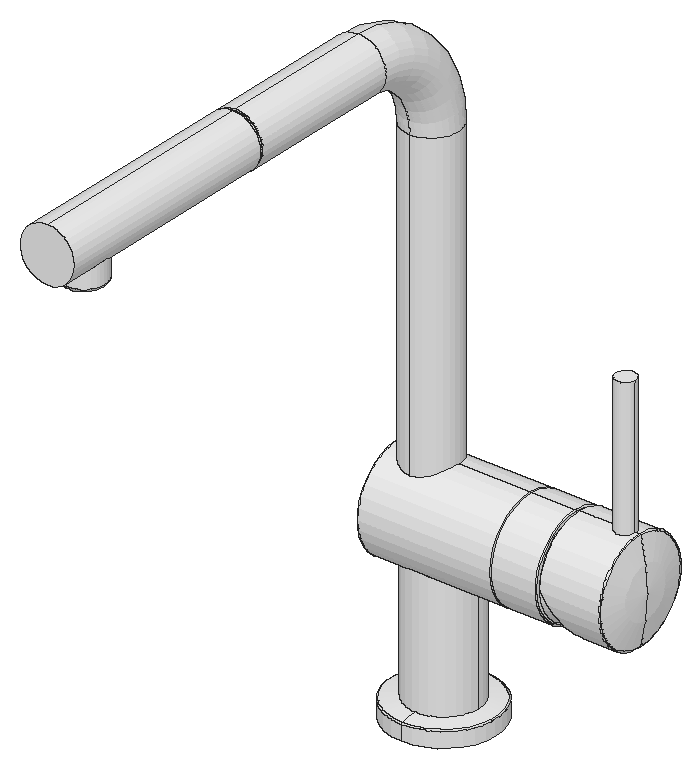
Revit family "Faucet-Kitchen-Grohe-Minta-30218_Series", category Plumbing Fixtures, Revit 2014
Parameters (values of type "30218000")
  cUPC Compliant = yes
  Width = 1 5/16"
  Waste Connection = no
  Warranty Documentation Link = "https://cdn.cloud.grohe.com/tpi/1000/1900/1940/1949/1949006/original/1949006.pdf"
  WFU = 0
  Vent Connection = no
  URL = "http://www.grohe.com/ca-en/"
  Shipping Weight = 8.56 lbf
  Product Page URL = "https://www.grohe.com/ca-en/25487/kitchen/kitchen-faucets/minta-touch/productdetails/?product=30218-G384&color=000&material=30218000"
  Price = "Prices may vary. Please consult Manufacturer Representative for most up-to-date price list."  # constant formula
  Model = "30218000"
  Material = "Metal-Grohe-000-Chrome"
  Manufacturer = "Grohe"
  Length = 8 13/16"
  Installation Type = "Deck-Mounted"
  Hot Water Connection Diameter = 3/8"
  Height = 13 1/8"
  HWFU = 1.5
  HW Connection = yes
  Flow Rate = "1.75 gpm (6.6 L/min)"
  Finish = Metal-Grohe-000-Chrome
  Description = "Minta"
  Default Elevation = 0"
  Creation Date = "2/9/2017"  # constant formula
  Cold Water Connection Diameter = 3/8"
  CalGreen Compliant = yes
  CWFU = 1.5
  CW Connection = yes
  Assembly Code = "D2020300"
  ADA Compliant = yes
Types (5): name | Product Page URL | Model | Material | Finish
  (no name) | "https://www.grohe.com/ca-en/25487/kitchen/kitchen-faucets/minta-touch/productdetails/?product=30218-G384&color=000&material=30218000" | "30218000" | "Metal-Grohe-000-Chrome" | Metal-Grohe-000-Chrome
  30218000 | "https://www.grohe.com/ca-en/25487/kitchen/kitchen-faucets/minta-touch/productdetails/?product=30218-G384&color=000&material=30218000" | "30218000" | "Metal-Grohe-000-Chrome" | Metal-Grohe-000-Chrome
  30218001 | "https://www.grohe.com/ca-en/25487/kitchen/kitchen-faucets/minta-touch/productdetails/?product=30218-G384&color=001&material=30218001" | "30218001" | "Metal-Grohe-001-Chrome" | Metal-Grohe-001-Chrome
  30218DC0 | "https://www.grohe.com/ca-en/25487/kitchen/kitchen-faucets/minta-touch/productdetails/?product=30218-G384&color=DC0&material=30218DC0" | "30218DC0" | "Metal-Grohe-DC0-Stainless Steel" | Metal-Grohe-DC0-Stainless Steel
  30218DC1 | "https://www.grohe.com/ca-en/25487/kitchen/kitchen-faucets/minta-touch/productdetails/?product=30218-G384&color=DC1&material=30218DC1" | "30218DC1" | "Metal-Grohe-DC1-Stainless Steel" | Metal-Grohe-DC1-Stainless Steel
Reference planes (in)
  plane 1 "Center (Front/Back)": y = 0
  plane 2: z = 0
  plane 3 "Center (Left/Right)": x = 0
  plane 4: z = 13.125
  plane 5: y = -8.8125
  plane 6: z = 11.6875
  plane 7: y = 0.65625
  plane 8: y = -0.65625
  plane 9: y = 0.70866
  plane 10: y = -0.70866
  plane 11: y = 0.55118
  plane 12: y = -0.55118
  plane 13: x = -0.25
Forms (in)
  Revolve 1, solid, material "Metal-Grohe-000-Chrome" <- "Finish"
    sketch origin (0, 0, 0) x (0, 1, 0) y (0, 0, 1)
      loop
        line (0, 0.37402) -> (0, 0) -> (1.06299, 0) -> (1.06299, 0.30618)
        arc (1.06299, 0.30618) -> (1.05723, 0.32199) -> (1.04266, 0.33037) r 0.02455
        arc (1.04266, 0.33037) -> (0.87613, 0.35577) -> (0.70866, 0.37402) r 3.93701
        line (0.70866, 0.37402) -> (0, 0.37402)
      axis (0, 0.37402) -> (0, 0)
    angle from 0 to 360
  Extrusion 2, solid, material "Metal-Grohe-000-Chrome" <- "Finish"
    sketch origin (0, 0, 0) x (1, 0, 0) y (0, 1, 0)
      loop
        circle (0, 0) r 0.70866
    from 0 to 3.83661
  Sweep 3, solid, material "Metal-Grohe-000-Chrome" <- "Finish"
    path origin (0, 0, 0) x (0, 1, 0) y (0, 0, 1)
      loop
        line (0, 3) -> (0, 10.7038)
        arc (0, 10.7038) -> (-0.53993, 12.00731) -> (-1.84344, 12.54724) r 1.84344
        line (-1.84344, 12.54724) -> (-9.72441, 12.54724)
    profile origin (0, 0, 6.8519) x (0, -1, 0) y (1, 0, 0)
      loop
        circle (0, -0.25) r 0.55118
  Extrusion 4, void
    sketch origin (-0.25, 0, 0) x (1, 0, 0) y (0, 0, 1)
      loop
        circle (0, 12.54724) r 0.53052
      loop
        circle (0, 12.54724) r 0.58056
    from 4.96063 to 5.02313
  Revolve 5, solid, material "Metal-Grohe-000-Chrome" <- "Finish"
    sketch origin (0, 0, 0) x (1, 0, 0) y (0, 0, 1)
      loop
        arc (-1.08031, 3.66171) -> (-1.04704, 3.15847) -> (-0.9497, 2.66362) r 3.93701
        arc (-0.9497, 2.66362) -> (-0.94111, 2.65068) -> (-0.9264, 2.64567) r 0.0241
        line (-0.9264, 2.64567) -> (1.75436, 2.64567) -> (1.75436, 2.68) -> (1.7874, 2.68) -> (1.7874, 2.64584) -> (2.66508, 2.6535)
        arc (2.66508, 2.6535) -> (2.6792, 2.65946) -> (2.68504, 2.67363) r 0.02013
        line (2.68504, 2.67363) -> (2.68504, 2.71449)
        arc (2.68504, 2.71449) -> (2.97373, 2.83844) -> (3.20866, 3.04704) r 0.98425
        line (3.20866, 3.04704) -> (3.20866, 3.66171) -> (-1.08031, 3.66171)
      axis (3.20866, 3.66171) -> (-1.08031, 3.66171)
    angle from 0 to 360
  Revolve 6, solid, material "Metal-Grohe-000-Chrome" <- "Finish"
    sketch origin (-0.25, 0, 0) x (0, 1, 0) y (0, 0, 1)
      loop
        line (-8.37795, 12.65542) -> (-8.8125, 12.65542) -> (-8.8125, 11.70079) -> (-8.51043, 11.70079) -> (-8.47244, 11.7185) -> (-8.41732, 11.7185)
        arc (-8.41732, 11.7185) -> (-8.38948, 11.73004) -> (-8.37795, 11.75787) r 0.03937
        line (-8.37795, 11.75787) -> (-8.37795, 12.65542)
      axis (-8.8125, 12.65542) -> (-8.8125, 11.70079)
    angle from 0 to 360
  Extrusion 7, void
    sketch origin (0, 0, 0) x (1, 0, 0) y (0, 0, 1)
      loop
        line (2.76851, 3.7185) -> (2.76851, 2.54317) -> (3.44709, 2.54317) -> (2.76851, 3.7185)
    from -1.26228 to 1.24003
  Extrusion 8, solid, material "Metal-Grohe-000-Chrome" <- "Finish"
    sketch origin (0, 0, 0) x (1, 0, 0) y (0, 1, 0)
      loop
        circle (3.68905, 0) r 0.19669
    from 4.15565 to 7.44844
  Revolve 9, solid, material "Metal-Grohe-000-Chrome" <- "Finish"
    sketch origin (0, 0, 0) x (1, 0, 0) y (0, 0, 1)
      loop
        arc (3.99112, 4.67544) -> (3.98259, 4.68793) -> (3.96826, 4.69275) r 0.02376
        line (3.96826, 4.69275) -> (2.76851, 4.69275) -> (2.76851, 3.66395) -> (4.13856, 3.66395)
        arc (4.13856, 3.66395) -> (4.09781, 4.1745) -> (3.99112, 4.67544) r 3.93701
      axis (4.13856, 3.66395) -> (2.76851, 3.66395)
    angle from 0 to 360
  Extrusion 10, solid, material "Metal-Grohe-000-Chrome" <- "Finish"
    sketch origin (0, 0, 0) x (1, 0, 0) y (0, 1, 0)
      loop
        circle (-0.34726, 0) r 0.1875
      loop
        circle (0.34726, 0) r 0.1875
    from 0 to 0.80614
Cuts and joins
  Extrusion 4, Extrusion 7 cuts Revolve 1
  Extrusion 4, Extrusion 7 cuts Extrusion 2
  Extrusion 4, Extrusion 7 cuts Sweep 3
  Extrusion 7 cuts Revolve 6
  Extrusion 7 cuts Revolve 9
  joined: Revolve 1, Extrusion 2, Sweep 3, Revolve 5, Revolve 6, Extrusion 8, Revolve 9, Extrusion 10
Lines and regions (in)
  Masking region 1
    outline origin (0, 0, 0) x (1, 0, 0) y (0, 1, 0)
      loop
        arc (-0.94492, 1.01605) -> (-1.08635, 0) -> (-0.94492, -1.01605) r 3.72039
        line (-0.94492, -1.01605) -> (-0.80118, -1.01605) -> (-0.80118, -4.96063) -> (-0.76855, -4.96063) -> (-0.76855, -5.02313) -> (-0.80118, -5.02313) -> (-0.80118, -9.72441) -> (0.30119, -9.72441) -> (0.30119, -5.02313) -> (0.26856, -5.02313) -> (0.26856, -4.96063) -> (0.30119, -4.96063) -> (0.30119, -1.01605) -> (1.75436, -1.01605) -> (1.75436, -0.98171) -> (1.7874, -0.98171) -> (1.7874, -1.01587) -> (2.68618, -1.01587) -> (2.68618, -0.95078) -> (2.76851, -0.92056) -> (2.76851, -1.02518) -> (3.9862, -1.02518)
        arc (3.9862, -1.02518) -> (4.13198, -0.00007) -> (3.98724, 1.02518) r 3.69019
        line (3.98724, 1.02518) -> (2.76851, 1.02518) -> (2.76851, 0.92056) -> (2.68618, 0.95078) -> (2.68618, 1.01587) -> (1.7874, 1.01587) -> (1.7874, 0.98171) -> (1.75436, 0.98171) -> (1.75436, 1.01605) -> (-0.94492, 1.01605)
  symbolic lines, detail levels medium+fine
    curve 1: line (-0.80118, -1.01605, 0) -> (-0.80118, 0, 0)
    curve 2: line (0.30119, -1.01605, 0) -> (0.30119, 0, 0)
    curve 3: arc (0.30119, 0, 0) -> (-0.25, 0.55119, 0) -> (-0.80118, 0, 0) r 0.55119
    curve 4: circle (3.68905, 0, 0) r 0.19669 normal (0, 0, 1)
    curve 10: line (2.76851, 0.92061, 0) -> (2.76851, -0.92061, 0)
  symbolic lines, detail levels fine
    curve 5: line (-0.76855, -5.02313, 0) -> (0.26856, -5.02313, 0)
    curve 6: line (-0.76855, -4.96063, 0) -> (0.26856, -4.96063, 0)
    curve 7: line (1.75436, 0.98171, 0) -> (1.75436, -0.98171, 0)
    curve 8: line (1.7874, 0.98171, 0) -> (1.7874, -0.98171, 0)
    curve 9: line (2.68618, -0.95078, 0) -> (2.68618, 0.95078, 0)
Dimensions and locks (in)
  equal spacing: plane 7, plane 1 "Center (Front/Back)", plane 8
  "Width": plane 7 to plane 8
  "Height": plane 4 to level
  plane 6 to level = 11 11/16"
  "Length": plane 1 "Center (Front/Back)" to plane 5
  "Hot Water Connection Diameter": diameter of Extrusion 10 sketch curve
  "Cold Water Connection Diameter": diameter of Extrusion 10 sketch curve
Automatic sketch dimensions
  Revolve 1 sketch curve to plane 1 "Center (Front/Back)" = 0"  (x2)
  Revolve 1 sketch curve to plane 9 = 0"
  Revolve 1 sketch curve to level = 0"
  Revolve 1 sketch curve to plane 11 = 0.18515"
  Revolve 1 sketch curve to plane 9 = 0.32978"
  Revolve 1 sketch curve to Revolve 1 sketch curve = 0.02455"
  Revolve 1 sketch curve to level = 3.54805"
  level to Revolve 1 sketch curve = 0.30618"
  level to Revolve 1 sketch curve = 0.37402"
  Revolve 1 sketch curve to Revolve 1 sketch curve = 0.28195"
  Revolve 1 sketch curve to Revolve 1 sketch curve = 0.07048"
  plane 1 "Center (Front/Back)" to Extrusion 2 sketch curve = 0"
  Extrusion 2 sketch curve to plane 3 "Center (Left/Right)" = 0"
  Sweep 3 sketch curve to plane 1 "Center (Front/Back)" = 0"
  Sweep 3 sketch curve to plane 4 = 0.57776"
  Sweep 3 sketch curve to plane 10 = 1.13478"
  plane 5 to Sweep 3 sketch curve = 0.91191"
  level to Sweep 3 sketch curve = 3"
  Sweep 3 sketch curve to profile plane = 0"
  Sweep 3 sketch curve to plane 3 "Center (Left/Right)" = 1/4"
  Extrusion 4 sketch curve to Extrusion 4 sketch curve = 0"  (x2)
  plane 13 to Extrusion 4 sketch curve = 0"
  Extrusion 4 sketch curve to plane 4 = 0.57776"
  Revolve 6 sketch curve to plane 5 = 0"  (x2)
  plane 6 to Revolve 6 sketch curve = 0.01329"
  Revolve 6 sketch curve to Revolve 6 sketch curve = 0.30207"
  plane 6 to Revolve 6 sketch curve = 0.031"
  Revolve 6 sketch curve to Revolve 6 sketch curve = 0.03799"
  Revolve 6 sketch curve to Revolve 6 sketch curve = 0.05512"
  Revolve 6 sketch curve to Revolve 6 sketch curve = 0.43455"
  Revolve 6 sketch curve to plane 4 = 0.46958"
  Revolve 6 sketch curve to Revolve 6 sketch curve = 0.17525"
  Revolve 6 sketch curve to plane 4 = 0.11501"
  Extrusion 7 sketch curve to Extrusion 7 sketch curve = 0.67858"
  level to Extrusion 7 sketch curve = 2.54317"
  Extrusion 7 sketch curve to Extrusion 7 sketch curve = 1.17533"
  plane 1 "Center (Front/Back)" to Extrusion 8 sketch curve = 0"
  plane 3 "Center (Left/Right)" to Extrusion 8 sketch curve = 3.68905"
  plane 3 "Center (Left/Right)" to Extrusion 7 sketch curve = 2.76851"
  plane 1 "Center (Front/Back)" to Extrusion 10 sketch curve = 0"  (x2)
  plane 13 to Extrusion 10 sketch curve = 0.09727"
  plane 3 "Center (Left/Right)" to Extrusion 10 sketch curve = 0.34726"
  plane 1 "Center (Front/Back)" to Masking region 1 sketch curve = 0"
  Masking region 1 sketch curve to plane 10 = 0.30738"  (x2)
  plane 13 to Masking region 1 sketch curve = 0.69492"
  Masking region 1 sketch curve to Masking region 1 sketch curve = 0.14373"
  plane 13 to Masking region 1 sketch curve = 0.55119"
  Masking region 1 sketch curve to Masking region 1 sketch curve = 0.03263"  (x3)
  plane 3 "Center (Left/Right)" to Masking region 1 sketch curve = 0.26856"
  Masking region 1 sketch curve to plane 1 "Center (Front/Back)" = 0.00181"
  plane 3 "Center (Left/Right)" to Masking region 1 sketch curve = 0.44179"
  Masking region 1 sketch curve to Masking region 1 sketch curve = 1.45317"
  Masking region 1 sketch curve to Masking region 1 sketch curve = 1.31257"
  Masking region 1 sketch curve to Masking region 1 sketch curve = 0.03304"  (x2)
  Masking region 1 sketch curve to Masking region 1 sketch curve = 0.84664"
  Masking region 1 sketch curve to plane 10 = 0.30721"
  Masking region 1 sketch curve to Masking region 1 sketch curve = 0.89878"  (x2)
  Masking region 1 sketch curve to plane 9 = 0.24212"
  Masking region 1 sketch curve to plane 10 = 0.2119"
  Masking region 1 sketch curve to Masking region 1 sketch curve = 0.08233"  (x2)
  Masking region 1 sketch curve to plane 10 = 0.31651"
  Masking region 1 sketch curve to Masking region 1 sketch curve = 1.21769"
  Masking region 1 sketch curve to plane 9 = 0.31651"
  Masking region 1 sketch curve to plane 5 = 3.85187"
  Masking region 1 sketch curve to Masking region 1 sketch curve = 0"
  Masking region 1 sketch curve to Masking region 1 sketch curve = 1/16"  (x2)
  plane 5 to Masking region 1 sketch curve = 0.91191"
  Masking region 1 sketch curve to Masking region 1 sketch curve = 0.03416"
  Masking region 1 sketch curve to Masking region 1 sketch curve = 0.06509"  (x2)
  Masking region 1 sketch curve to Masking region 1 sketch curve = 0.03022"
  Masking region 1 sketch curve to Masking region 1 sketch curve = 0.03433"
  Masking region 1 sketch curve to plane 9 = 0.30738"
  plane 1 "Center (Front/Back)" to curve 1 = 0"
  curve 3 to plane 13 = 0"
  plane 1 "Center (Front/Back)" to curve 4 = 0"
  plane 13 to curve 1 = 0.55119"
  curve 2 to curve 4 = 3.38786"
  plane 13 to curve 5 = 0.51855"
  curve 6 to curve 5 = 0"  (x2)
  plane 3 "Center (Left/Right)" to curve 5 = 0.26856"
  curve 7 to plane 10 = 0.27305"
  curve 2 to curve 7 = 1.45317"
  curve 7 to curve 8 = 0.03304"
  curve 9 to plane 10 = 0.24212"
  curve 8 to curve 9 = 0.89878"
  curve 9 to curve 10 = 0.08233"
  curve 9 to curve 10 = 0.03017"
  curve 7 to curve 8 = 0"  (x2)
  curve 2 to plane 10 = 0.30738"
  curve 6 to plane 5 = 3.85187"
  curve 5 to curve 6 = 1/16"
  curve 10 to plane 9 = 0.21195"
  curve 10 to curve 9 = 0.03017"
  curve 8 to plane 9 = 0.27305"
  curve 1 to plane 10 = 0.30738"
  plane 3 "Center (Left/Right)" to Revolve 9 sketch curve = 0.20197"
  Revolve 9 sketch curve to Revolve 9 sketch curve = 2.56654"
  Revolve 9 sketch curve to Revolve 9 sketch curve = 1.19974"
  Revolve 9 sketch curve to Revolve 9 sketch curve = 0.17031"
  level to Revolve 9 sketch curve = 3.60661"
  Revolve 9 sketch curve to Revolve 9 sketch curve = 0.05734"
  Revolve 9 sketch curve to Revolve 9 sketch curve = 1.00503"
  Revolve 9 sketch curve to Revolve 9 sketch curve = 1.02879"
  Revolve 9 sketch curve to Revolve 9 sketch curve = 0.3676"
  Revolve 9 sketch curve to Revolve 9 sketch curve = 0.1324"
  Revolve 9 sketch curve to Revolve 9 sketch curve = 0"
  plane 13 to Revolve 5 sketch curve = 0.83031"
  plane 13 to Revolve 5 sketch curve = 0.6764"
  plane 3 "Center (Left/Right)" to Revolve 5 sketch curve = 1.75436"
  Revolve 5 sketch curve to Revolve 5 sketch curve = 0.03304"
  Revolve 5 sketch curve to Revolve 5 sketch curve = 0.65866"
  Revolve 5 sketch curve to Revolve 5 sketch curve = 0.87751"
  Revolve 5 sketch curve to Revolve 5 sketch curve = 0.00018"
  Revolve 5 sketch curve to Revolve 5 sketch curve = 0.02013"
  Revolve 5 sketch curve to Revolve 5 sketch curve = 0.41063"
  Revolve 5 sketch curve to Revolve 5 sketch curve = 0.52362"
  level to Revolve 5 sketch curve = 2.64567"
  Revolve 5 sketch curve to Revolve 5 sketch curve = 0.00017"
  Revolve 5 sketch curve to Revolve 5 sketch curve = 0.00766"
  Revolve 5 sketch curve to Revolve 5 sketch curve = 0.0241"
  Revolve 5 sketch curve to Revolve 5 sketch curve = 0.03433"
  Revolve 5 sketch curve to Revolve 5 sketch curve = 0.04086"
  Revolve 5 sketch curve to Revolve 5 sketch curve = 0.33255"
  Revolve 5 sketch curve to Revolve 5 sketch curve = 0.61467"
  Revolve 5 sketch curve to Revolve 5 sketch curve = 0.00758"
  Revolve 5 sketch curve to Revolve 5 sketch curve = 0.92262"
  Revolve 5 sketch curve to Revolve 5 sketch curve = 0.26593"
  Revolve 5 sketch curve to Revolve 5 sketch curve = 0"
  radius of Extrusion 2 sketch curve = 0.70866"
  radius of Sweep 3 sketch curve = 0.55118"
  radius of Extrusion 4 sketch curve = 0.53052"
  radius of Extrusion 4 sketch curve = 0.58056"
  radius of Extrusion 8 sketch curve = 0.19669"
  radius of curve 4 = 0.19669"
Connectors (in)
  piping at (-0.34726, 0, 0), diameter 0.375, driven by "HWFU", driven by "Hot Water Connection Diameter"
    settings: on Extrusion 10, index 1, connector inside diameter 24", connector length 0", flow factor 0, pipe flow 0 GPM, pressure drop 0.00 psi, fitting loss kfactor 0, connector angle 0.00°, fixture units 1.5, engagement length 0", angle of deflection 0.00°, flow configuration 3, flow direction 1, fitting loss method 0, system type 19, joint type 0, gender type 0, connector reference index -1, connector utility 0, adjustable connector no, is connector primary yes, connector description "3/8\" HW Inlet"
  piping at (0.34726, 0, 0), diameter 0.375, driven by "CWFU", driven by "Cold Water Connection Diameter"
    settings: on Extrusion 10, index 2, connector inside diameter 24", connector length 0", flow factor 0, pipe flow 0 GPM, pressure drop 0.00 psi, fitting loss kfactor 0, connector angle 0.00°, fixture units 1.5, engagement length 0", angle of deflection 0.00°, flow configuration 3, flow direction 1, fitting loss method 0, system type 20, joint type 0, gender type 0, connector reference index -1, connector utility 0, adjustable connector no, is connector primary no, connector description "3/8\" CW Inlet"
